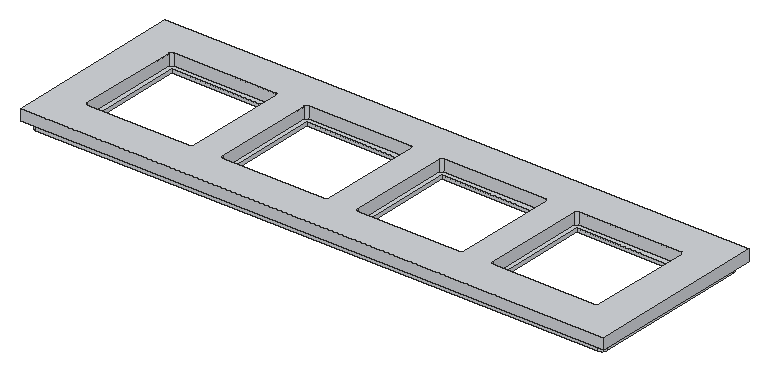
Revit family "Gira_0214223", category Electrical Fixtures, host Face, Revit 2017
Family settings
  Host = Face
  Maintain Annotation Orientation = No
  Round Connector Dimension = Use Diameter
  Part Type = Normal
  Cut with Voids When Loaded = No
  Shared = No
  Room Calculation Point = No
Parameters (values of type "Cov.fr. 4-g Gira Esprit Lin.pwd.dark brown")
  With mounting grid = "No"
  With hinged lid = "No"
  URL = "http://katalog.gira.de/en/datenblatt.html?artikelnr=0214223"
  Type of fastening = "Clamp mounting"
  Transparent = "No"
  Surface protection = "Other"
  Suitable for wall duct = "No"
  Suitable for flush-mounted installation = "Yes"
  Suitable for floor box = "No"
  Suitable for built-in installation = "No"
  Number of units vertical = "4"
  Number of units horizontal = "4"
  Number of units = "4"
  Name = "Cov.fr. 4-g Gira Esprit Lin.pwd.dark brown"
  Mounting direction = "Horizontal and vertical"
  Material quality = "Other"
  Material = "Other"
  Manufacturer URL = "https://www.gira.de/"
  Manufacturer = "Gira"
  Label space/information surface = "No"
  Keynote = ""
  HeinzeBIM = "https://bimportal.heinze.de/bim/cov-fr-4-g-gira-esprit-lin-pwd-dark-brown/3e6a5bc4a8ef03e45f7e9c9c79c1d05b7ca99376"
  Halogen free = "No"
  HAN = "0214223"
  GTIN = "4010337015963"
  Description = "Cov.fr.4g Espr. LPwDb,Gira Esprit cover frame,Linoleum-plywood dark brown,4-gang,Notes :,- Natural product. Colour deviations are possible.,- NCS value: approx. NCS S 8005-Y80R"
  Degree of protection (IP) = "IP20"
  Default Elevation = 1219.2 mm
  Data sheet (1) = "https://katalog.gira.de/en/download.html?artikelnr=0214223"
  Colour = "Other"
  Category = "Cover frame for domestic switching devices"
  BIM (1) = "https://media.stage.bim.site/public/gira/36a6b08/Espr._Rahmen_4fach.rfa"
  Available = "No"
Reference planes
  plane 1 "Center (Front/Back)": y = 0
  plane 2: z = 0
  plane 3 "Center (Left/Right)": x = 0
Forms (mm)
  Extrusion 1, solid, detail levels fine
    sketch origin (0, 0, 0) x (1, 0, 0) y (0, 1, 0)
      loop
        line (-154, 47.5) -> (-154, -47.5) -> (154, -47.5) -> (154, 47.5) -> (-154, 47.5)
      loop
        arc (-135.25, -26.8) -> (-134.811, -27.861) -> (-133.75, -28.3) r 1.5
        line (-133.75, -28.3) -> (-80.15, -28.3)
        arc (-80.15, -28.3) -> (-79.089, -27.861) -> (-78.65, -26.8) r 1.5
        line (-78.65, -26.8) -> (-78.65, 26.8)
        arc (-78.65, 26.8) -> (-79.089, 27.861) -> (-80.15, 28.3) r 1.5
        line (-80.15, 28.3) -> (-133.75, 28.3)
        arc (-133.75, 28.3) -> (-134.811, 27.861) -> (-135.25, 26.8) r 1.5
        line (-135.25, 26.8) -> (-135.25, -26.8)
      loop
        arc (-63.95, -26.8) -> (-63.511, -27.861) -> (-62.45, -28.3) r 1.5
        line (-62.45, -28.3) -> (-8.85, -28.3)
        arc (-8.85, -28.3) -> (-7.789, -27.861) -> (-7.35, -26.8) r 1.5
        line (-7.35, -26.8) -> (-7.35, 26.8)
        arc (-7.35, 26.8) -> (-7.789, 27.861) -> (-8.85, 28.3) r 1.5
        line (-8.85, 28.3) -> (-62.45, 28.3)
        arc (-62.45, 28.3) -> (-63.511, 27.861) -> (-63.95, 26.8) r 1.5
        line (-63.95, 26.8) -> (-63.95, -26.8)
      loop
        arc (7.35, -26.8) -> (7.789, -27.861) -> (8.85, -28.3) r 1.5
        line (8.85, -28.3) -> (62.45, -28.3)
        arc (62.45, -28.3) -> (63.511, -27.861) -> (63.95, -26.8) r 1.5
        line (63.95, -26.8) -> (63.95, 26.8)
        arc (63.95, 26.8) -> (63.511, 27.861) -> (62.45, 28.3) r 1.5
        line (62.45, 28.3) -> (8.85, 28.3)
        arc (8.85, 28.3) -> (7.789, 27.861) -> (7.35, 26.8) r 1.5
        line (7.35, 26.8) -> (7.35, -26.8)
      loop
        arc (78.65, -26.8) -> (79.089, -27.861) -> (80.15, -28.3) r 1.5
        line (80.15, -28.3) -> (133.75, -28.3)
        arc (133.75, -28.3) -> (134.811, -27.861) -> (135.25, -26.8) r 1.5
        line (135.25, -26.8) -> (135.25, 26.8)
        arc (135.25, 26.8) -> (134.811, 27.861) -> (133.75, 28.3) r 1.5
        line (133.75, 28.3) -> (80.15, 28.3)
        arc (80.15, 28.3) -> (79.089, 27.861) -> (78.65, 26.8) r 1.5
        line (78.65, 26.8) -> (78.65, -26.8)
    from 0 to 6
  Extrusion 2, solid, detail levels fine
    sketch origin (0, 0, 0) x (1, 0, 0) y (0, 1, 0)
      loop
        line (-132.85, -25.7) -> (-81.05, -25.7) -> (-81.05, 25.7) -> (-132.85, 25.7) -> (-132.85, -25.7)
      loop
        line (61.55, 25.7) -> (9.75, 25.7) -> (9.75, -25.7) -> (61.55, -25.7) -> (61.55, 25.7)
      loop
        arc (-149.85, -41.4) -> (-149.323, -42.673) -> (-148.05, -43.2) r 1.8
        line (-148.05, -43.2) -> (148.05, -43.2)
        arc (148.05, -43.2) -> (149.323, -42.673) -> (149.85, -41.4) r 1.8
        line (149.85, -41.4) -> (149.85, 41.4)
        arc (149.85, 41.4) -> (149.323, 42.673) -> (148.05, 43.2) r 1.8
        line (148.05, 43.2) -> (-148.05, 43.2)
        arc (-148.05, 43.2) -> (-149.323, 42.673) -> (-149.85, 41.4) r 1.8
        line (-149.85, 41.4) -> (-149.85, -41.4)
      loop
        line (-9.75, 25.7) -> (-61.55, 25.7) -> (-61.55, -25.7) -> (-9.75, -25.7) -> (-9.75, 25.7)
      loop
        line (132.85, 25.7) -> (81.05, 25.7) -> (81.05, -25.7) -> (132.85, -25.7) -> (132.85, 25.7)
    from -1.9 to 0
  Extrusion 3, solid, detail levels fine
    sketch origin (0, 0, 0) x (1, 0, 0) y (0, 1, 0)
      loop
        arc (-148.05, 44.4) -> (-150.171, 43.521) -> (-151.05, 41.4) r 3
        line (-151.05, 41.4) -> (-151.05, -41.4)
        arc (-151.05, -41.4) -> (-150.171, -43.521) -> (-148.05, -44.4) r 3
        line (-148.05, -44.4) -> (148.05, -44.4)
        arc (148.05, -44.4) -> (150.171, -43.521) -> (151.05, -41.4) r 3
        line (151.05, -41.4) -> (151.05, 41.4)
        arc (151.05, 41.4) -> (150.171, 43.521) -> (148.05, 44.4) r 3
        line (148.05, 44.4) -> (-148.05, 44.4)
      loop
        arc (-149.85, -41.4) -> (-149.323, -42.673) -> (-148.05, -43.2) r 1.8
        line (-148.05, -43.2) -> (148.05, -43.2)
        arc (148.05, -43.2) -> (149.323, -42.673) -> (149.85, -41.4) r 1.8
        line (149.85, -41.4) -> (149.85, 41.4)
        arc (149.85, 41.4) -> (149.323, 42.673) -> (148.05, 43.2) r 1.8
        line (148.05, 43.2) -> (-148.05, 43.2)
        arc (-148.05, 43.2) -> (-149.323, 42.673) -> (-149.85, 41.4) r 1.8
        line (-149.85, 41.4) -> (-149.85, -41.4)
    from -3.7 to 0
  Extrusion 4, solid, detail levels medium
    sketch origin (0, 0, 0) x (1, 0, 0) y (0, 1, 0)
      loop
        line (-154, 47.5) -> (-154, -47.5) -> (154, -47.5) -> (154, 47.5) -> (-154, 47.5)
    from 0 to 6
  Extrusion 5, solid, detail levels medium
    sketch origin (0, 0, 0) x (1, 0, 0) y (0, 1, 0)
      loop
        line (-154, 44.4) -> (-154, -44.4) -> (154, -44.4) -> (154, 44.4) -> (-154, 44.4)
    from -3.7 to 0
  Extrusion 6, solid, detail levels coarse
    sketch origin (0, 0, 0) x (1, 0, 0) y (0, 1, 0)
      loop
        line (-154, 47.5) -> (-154, -47.5) -> (154, -47.5) -> (154, 47.5) -> (-154, 47.5)
    from -3.7 to 6
Dimensions and locks
  aligned and locked: plane 2 to host face
  aligned and locked: level to host face
